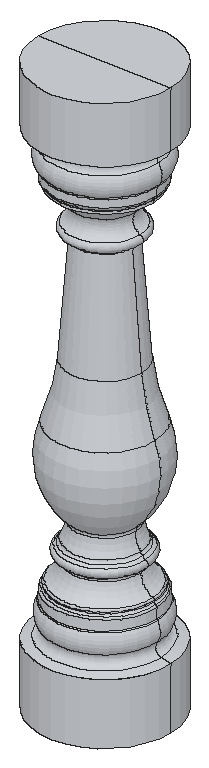
Revit family
Parameters (values of type "Balustrade G15M")
  Width = 0' - 3 1/2"
  URL = "www.strombergarchitectural.com"
  Top Material = none
  Submittal Sheet = "www.strombergarchitectural.com/images/materials/gfrc/submittal/gfrc-submittal-sheet.pdf"
  Specifications = "www.strombergarchitectural.com/gfrcspecifications"
  Model Cut-sheet = "http://www.strombergarchitectural.com/products/balustrade/design/G15M"
  Model = "Balustrade G15M"
  Manufacturer = "Stromberg Architectural Products"
  Guidebook = "www.strombergarchitectural.com/images/materials/gfrc/handbooks/gfrc_guidebook.pdf   \r\n(http://www.strombergarchitectural.com/images/materials/gfrc/handbooks/gfrc_guidebook.pdf"
  Description = "GFRC Baluster"
  Assembly Code = ""
  Height = 1' - 3 1/4"
  XXX.5 = no
  XXX.4 = no
  XXX.3 = no
  XXX.2 = no
  XXX.1 = yes
Reference planes (in)
  plane 1 "Center (Front/Back)": y = 3.74847
  plane 2: z = 0
  plane 3 "Center (Left/Right)": x = 0.7278
  plane 4 "Front": y = -3.25153
  plane 5 "Back": y = 10.74847
Forms (in)
  Revolve 1, solid
    sketch origin (0, 3.74847, 0) x (1, 0, 0) y (0, 0, 1)
      loop
        line (0.7278, 15.25) -> (-1.0222, 15.25) -> (-1.0222, 13.75)
        arc (-1.0222, 13.75) -> (-0.89755, 13.71504) -> (-0.7722, 13.68267) r 6.25
        arc (-0.7722, 13.68267) -> (-0.6463, 13.54068) -> (-0.69352, 13.35688) r 0.20221
        arc (-0.69352, 13.35688) -> (-0.77619, 13.07911) -> (-0.66493, 12.81151) r 0.43247
        arc (-0.66493, 12.81151) -> (-0.6533, 12.79296) -> (-0.64879, 12.77154) r 0.0625
        line (-0.64879, 12.77154) -> (-0.64203, 12.55759)
        arc (-0.64203, 12.55759) -> (-0.63118, 12.52432) -> (-0.60415, 12.5021) r 0.0625
        arc (-0.60415, 12.5021) -> (-0.57658, 12.47906) -> (-0.56625, 12.44465) r 0.0625
        line (-0.56625, 12.44465) -> (-0.56625, 12.375)
        arc (-0.56625, 12.375) -> (-0.28963, 12.22288) -> (-0.08539, 11.98216) r 0.87107
        arc (-0.08539, 11.98216) -> (-0.03028, 11.70497) -> (-0.20724, 11.48463) r 0.33425
        arc (-0.20724, 11.48463) -> (-0.27213, 11.37928) -> (-0.2146, 11.26973) r 0.125
        line (-0.2146, 11.26973) -> (-0.078, 11.2113)
        arc (-0.078, 11.2113) -> (-0.03728, 11.17644) -> (-0.0222, 11.125) r 0.09411
        arc (-0.0222, 11.125) -> (-0.10697, 9.68378) -> (-0.25122, 8.2473) r 34.93217
        arc (-0.25122, 8.2473) -> (-0.37236, 7.4898) -> (-0.60441, 6.75862) r 5.16258
        arc (-0.60441, 6.75862) -> (-0.70867, 5.5788) -> (-0.12569, 4.54779) r 1.99504
        arc (-0.12569, 4.54779) -> (-0.09485, 4.50209) -> (-0.08667, 4.44757) r 0.125
        arc (-0.08667, 4.44757) -> (-0.12052, 4.21572) -> (-0.212, 4) r 0.91746
        arc (-0.212, 4) -> (-0.22708, 3.94856) -> (-0.2678, 3.9137) r 0.09411
        line (-0.2678, 3.9137) -> (-0.3396, 3.85527)
        arc (-0.3396, 3.85527) -> (-0.3972, 3.75) -> (-0.3396, 3.64473) r 0.125
        line (-0.3396, 3.64473) -> (-0.2678, 3.5863)
        arc (-0.2678, 3.5863) -> (-0.22708, 3.55144) -> (-0.212, 3.5) r 0.09411
        arc (-0.212, 3.5) -> (-0.31941, 3.22207) -> (-0.53571, 3.01712) r 0.67734
        arc (-0.53571, 3.01712) -> (-0.55808, 2.9943) -> (-0.56625, 2.96341) r 0.0625
        line (-0.56625, 2.96341) -> (-0.56625, 2.93035)
        arc (-0.56625, 2.93035) -> (-0.57658, 2.89594) -> (-0.60415, 2.8729) r 0.0625
        arc (-0.60415, 2.8729) -> (-0.63118, 2.85068) -> (-0.64203, 2.81741) r 0.0625
        line (-0.64203, 2.81741) -> (-0.64879, 2.56966)
        arc (-0.64879, 2.56966) -> (-0.6533, 2.54824) -> (-0.66493, 2.52969) r 0.0625
        arc (-0.66493, 2.52969) -> (-0.74155, 2.27453) -> (-0.66923, 2.01812) r 0.4765
        arc (-0.66923, 2.01812) -> (-0.6143, 1.82159) -> (-0.7722, 1.69233) r 0.18656
        arc (-0.7722, 1.69233) -> (-0.89755, 1.65996) -> (-1.0222, 1.625) r 6.25
        line (-1.0222, 1.625) -> (-1.0222, 0) -> (0.7278, 0) -> (0.7278, 15.25)
      axis (0.7278, 15.25) -> (0.7278, 0)
    angle from 0 to 360
Dimensions and locks (in)
  aligned and locked: level to plane 2
